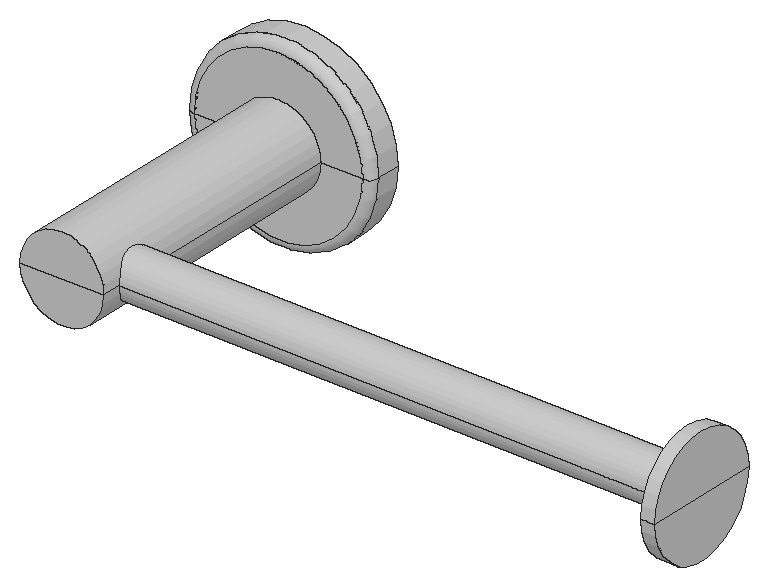
Revit family "Reece_Accessory_Mizu_Drift_Toilet Roll Holder_Straight", category Plumbing Fixtures, Revit 2018
Family settings
  Round Connector Dimension = Use Diameter
  Part Type = Normal
  Work Plane-Based = Yes
  Always vertical = Yes
  Cut with Voids When Loaded = Yes
  Shared = Yes
  Room Calculation Point = Yes
Parameters (values of type "Brushed Nickel")
  URL = "https://www.reece.com.au/product/-9508232"
  Type Comments = "Accessory"
  Reece_Product_Web Page = "https://www.reece.com.au/product/-9508232"
  Reece_Product_Type = "Accessory"
  Reece_Product_Sub Brand = "Drift"
  Reece_Product_Number = "9508232"
  Reece_Product_Mount = "Wall Mount"
  Reece_Product_Description = "Mizu Drift Straight Toilet Roll Holder Brushed Nickel"
  Reece_Product_Brand = "Mizu"
  Reece_Material_Main = Reece_Brass_Brushed Nickel
  Reece_Detail_Shape = "Straight"  # constant formula
  Reece_Detail_Installation = ""
  Reece_Detail_Disclaimer = "THIS FILE IS THE PROPERTY OF THE REECE GROUP. IT MAY NOT BE REPRODUCED, REVERSE-ENGINEERED, OR MODIFIED. ANY REPUBLICATION, TRANSMISSION, OR DISTRIBUTION FOR THE PURPOSE OF COMMERCIALLY EXPLOITING THE FILES IS PROHIBITED."  # constant formula
  Reece_Detail_Connector = ""
  Reece_Detail_Additional = ""
  Reece_Backplate Radius = 20 mm  # constant formula
  Reece_Accessory_Projection = 65 mm  # constant formula
  Model = "Drift"
  Manufacturer = "Mizu"
  Keynote = "Product #9508232, Reece_Accessory_Mizu_Drift_Toilet Roll Holder_Straight - Brushed Nickel"
  Disclaimer = "THIS FILE IS THE PROPERTY OF THE REECE GROUP. IT MAY NOT BE REPRODUCED, REVERSE-ENGINEERED, OR MODIFIED. ANY REPUBLICATION, TRANSMISSION, OR DISTRIBUTION FOR THE PURPOSE OF COMMERCIALLY EXPLOITING THE FILES IS PROHIBITED."  # constant formula
  Description = "Mizu Drift Straight Toilet Roll Holder Brushed Nickel"
  Default Elevation = 1000 mm
Types (5, lengths in mm): name | URL | Reece_Product_Web Page | Reece_Product_Number | Reece_Product_Description | Reece_Material_Main | Keynote | Description
  Brushed Nickel | "https://www.reece.com.au/product/-9508232" | "https://www.reece.com.au/product/-9508232" | "9508232" | "Mizu Drift Straight Toilet Roll Holder Brushed Nickel" | Reece_Brass_Brushed Nickel | "Product #9508232, Reece_Accessory_Mizu_Drift_Toilet Roll Holder_Straight - Brushed Nickel" | "Mizu Drift Straight Toilet Roll Holder Brushed Nickel"
  Chrome | "https://www.reece.com.au/product/-9504247" | "https://www.reece.com.au/product/-9504247" | "9504247" | "Mizu Drift Straight Toilet Roll Holder Chrome" | Reece_Brass_Chrome | "Product #9504247, Reece_Accessory_Mizu_Drift_Toilet Roll Holder_Straight - Chrome" | "Mizu Drift Straight Toilet Roll Holder Chrome"
  Matte Black | "https://www.reece.com.au/product/-9506770" | "https://www.reece.com.au/product/-9506770" | "9506770" | "Mizu Drift Straight Toilet Roll Holder Matte Black" | Reece_Brass_Matte Black | "Product #9506770, Reece_Accessory_Mizu_Drift_Toilet Roll Holder_Straight - Matte Black" | "Mizu Drift Straight Toilet Roll Holder Matte Black"
  Brushed Gunmetal | "https://www.reece.com.au/product/-2217446" | "https://www.reece.com.au/product/-2217446" | "2217446" | "Mizu Drift Straight Toilet Roll Holder Brushed Gunmetal" | Reece_Brass_Brushed Gunmetal | "Product #2217446, Reece_Accessory_Mizu_Drift_Toilet Roll Holder_Straight - Brushed Gunmetal" | "Mizu Drift Straight Toilet Roll Holder Brushed Gunmetal"
  Brushed Brass | "https://www.reece.com.au/product/-9512445" | "https://www.reece.com.au/product/-9512445" | "9512445" | "Mizu Drift Straight Toilet Roll Holder Brushed Brass" | Reece_Brass_Brushed | "Product #9512445, Reece_Accessory_Mizu_Drift_Toilet Roll Holder_Straight - Brushed Brass" | "Mizu Drift Straight Toilet Roll Holder Brushed Brass"
Reference planes
  plane 1 "Center (Front/Back)": y = 0
  plane 2 "Bottom Host Plane": z = 0
  plane 3 "Center (Left/Right)": x = 0
Forms (mm)
  Revolve 1, solid, material "Reece_Brass_Brushed Nickel" <- "Reece_Material_Main"
    sketch origin (-497.5, 0, 0) x (-1, 0, 0) y (0, -1, 0)
      loop
        line (-497.5, 0) -> (-477.5, 0) -> (-477.5, 5)
        arc (-477.5, 5) -> (-478.086, 6.414) -> (-479.5, 7) r 2
        line (-479.5, 7) -> (-488.5, 7) -> (-488.5, 65) -> (-497.5, 65) -> (-497.5, 0)
      axis (-497.5, 0) -> (-497.5, 65)
    angle from 0 to 360
  Revolve 2, solid, material "Reece_Brass_Brushed Nickel" <- "Reece_Material_Main"
    sketch origin (0, 0, 0) x (1, 0, 0) y (0, 1, 0)
      loop
        line (127, -51) -> (0, -51) -> (0, -56) -> (130, -56) -> (130, -43.5) -> (127, -43.5) -> (127, -51)
      axis (0, -56) -> (130, -56)
    angle from 0 to 360
Cuts and joins
  joined: Revolve 1, Revolve 2
Text (mm)
  text "Reece ©" at (2726.345, -2609.327, 2681.14), in view "Reece Preview"
  text "Reece ©" at (480.382, -277.313, -1020.679), in view "Ref. Level"
Dimensions and locks
  "Reece_Backplate Radius": Revolve 1 sketch curve to Revolve 1 sketch curve
  Revolve 1 to Revolve 2 sketch curve = 9 mm
  aligned and locked: Revolve 1 sketch curve to Revolve 1 sketch curve
  aligned and locked: Revolve 2 sketch curve to Revolve 2 sketch curve
  aligned and locked: Revolve 2 sketch curve to plane 3 "Center (Left/Right)"
Automatic sketch dimensions
  Revolve 2 sketch curve to Revolve 2 sketch curve = 12.5 mm
  Revolve 2 sketch curve to plane 3 "Center (Left/Right)" = 36.57 mm
  Revolve 2 sketch curve to Revolve 2 sketch curve = 53.43 mm
  Revolve 2 sketch curve to Revolve 2 sketch curve = 73.57 mm
  Revolve 2 sketch curve to Revolve 2 sketch curve = 3 mm
  Revolve 2 sketch curve to Revolve 2 sketch curve = 5 mm
  plane 1 "Center (Front/Back)" to Revolve 1 sketch curve = 0 mm  (x2)
  Revolve 1 sketch curve to plane 3 "Center (Left/Right)" = 0 mm
  Revolve 1 sketch curve to plane 3 "Center (Left/Right)" = 9 mm
  Revolve 1 sketch curve to Revolve 1 sketch curve = 2 mm
  Revolve 1 sketch curve to Revolve 1 sketch curve = 5 mm
  Revolve 1 sketch curve to Revolve 1 sketch curve = 58 mm
  Revolve 1 sketch curve to Revolve 1 sketch curve = 87 mm
